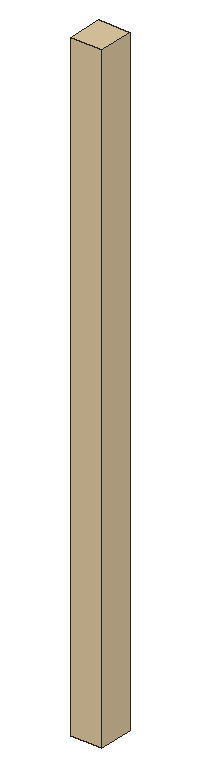
Revit family "M_Glulam-Southern Pine-Column", category 구조 기둥, Revit 2026
Family settings
  단면 모양 = 정의되지 않음
  모델 동작 재료 = 목재
  항상 형상으로 내보내기 = 아니오
  평면의 보 전환 = 경계 상자에서
  로드될 때 보이드를 사용하여 절단 = 아니오
  기호 표현 = 프로젝트 설정에서
  공유 = 아니오
  평면도에서 미리 절단된 패밀리 표시 = 예
Parameters (values of type "127x140")
  Structural Material [instance] = Wood - Dimensional Lumber
  b = 127 mm
  d = 140 mm
Types (3, lengths in mm): name | b
  (no name) | 127
  76x140 | 76
  127x140 | 127
Reference planes
  plane 1 "Center (Front/Back)": y = 0
  plane 2: z = 0
  plane 3 "Center (Left/Right)": x = 0
  plane 4: x = -63.5
  plane 5: x = 63.5
  plane 6: y = 70
  plane 7: y = -70
Forms (mm)
  Extrusion 1, solid, material "Wood - Dimensional Lumber" <- "Structural Material", detail levels medium+fine
    sketch origin (0, 0, 0) x (1, 0, 0) y (0, 1, 0)
      loop
        line (-63.5, 70) -> (-63.5, -70) -> (63.5, -70) -> (63.5, 70) -> (-63.5, 70)
    from 0 to 2500
Lines and regions (mm)
  symbolic lines, style "StructuralColumnStickSymbols", detail levels coarse
    curve 1: line (-63.5, 70, 0) -> (63.5, 70, 0)
    curve 2: line (-63.5, -70, 0) -> (63.5, -70, 0)
    curve 3: line (-63.5, 70, 0) -> (-63.5, -70, 0)
    curve 4: line (63.5, 70, 0) -> (63.5, -70, 0)
Dimensions and locks
  equal spacing: plane 4, plane 3 "Center (Left/Right)", plane 5
  equal spacing: plane 7, plane 1 "Center (Front/Back)", plane 6
  "d": plane 7 to plane 6
  "b": plane 4 to plane 5
  aligned and locked: plane 6 to Extrusion 1 sketch curve
  aligned and locked: Extrusion 1 sketch curve to plane 7
  aligned and locked: Extrusion 1 sketch curve to plane 4
  aligned and locked: plane 5 to Extrusion 1 sketch curve
  aligned and locked: level to Extrusion 1
  aligned and locked: level to plane 2
  aligned and locked: Extrusion 1 to plane 2
Automatic sketch dimensions
  curve 3 to plane 4 = 0 mm
  curve 4 to plane 5 = 0 mm
  curve 3 to plane 7 = 0 mm
  curve 3 to plane 6 = 0 mm
